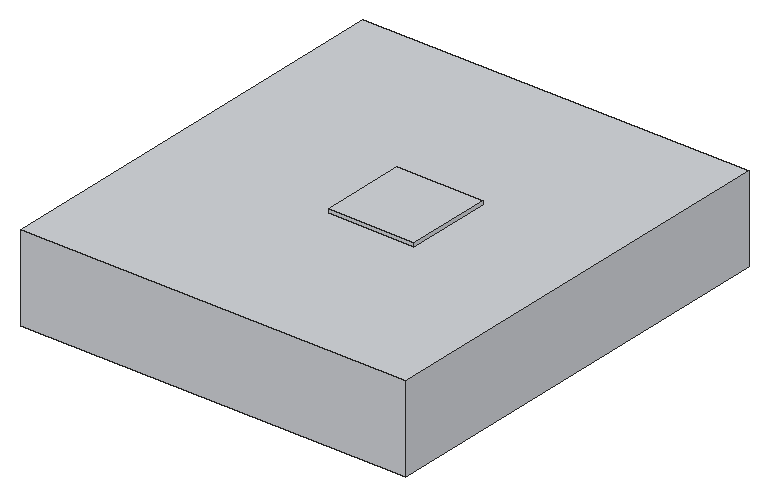
Revit family "M_Difusor de fornecimento - Perfurado - Pescoço redondo - Montado no forro", category Terminais de ar, Revit 2019
Family settings
  Hospedeiro = Face
  Cota do conector redondo = Usar raio
  Tipo de parte = Normal
  Número OmniClass = 23.75.70.21.27.11
  Título OmniClass = Diffusers, Registers, and Grilles
  ID de item do Seek = Supply Diffuser - Perforated - Round Neck - Ceiling Mounted-0000-CAN-ENU
  Corte com vazios quando carregada = Não
  Compartilhado = Não
  Ponto de cálculo do ambiente = Não
Parameters (values of type "Padrão")
  Queda de pressão [instance] = 75.0 Pa
  Raio do duto = 76 mm
  Fluxo [instance] = 130.0 L/s
  Diâmetro do duto = Raio do duto * 2  # 152 mm
  Largura do difusor = 305 mm
  Material do difusor = none
  Altura do difusor = 305 mm
  Largura de meio difusor = Largura do difusor * 1 / 2  # 152.5 mm
  Meia altura do difusor = Altura do difusor * 1 / 2  # 152.5 mm
  Elevação-padrão = 1200 mm
  Assembly Code = ""
Reference planes
  plane 1 "Centro (Frente/Trás)": y = 0
  plane 2: z = 0
  plane 3 "Centro (Esquerda/Direita)": x = 0
  plane 4: y = 152.5
  plane 5: y = -152.5
  plane 6: x = -152.5
  plane 7: x = 152.5
  plane 8: x = -76
  plane 9: x = 76
  plane 10: y = 76
  plane 11: y = -76
  plane 12: y = 133.45
  plane 13: x = -133.45
  plane 14: y = -133.45
  plane 15: x = 133.45
  plane 16: z = 12.7
  plane 17: z = -63.5
  plane 18: z = -38.1
Forms (mm)
  Extrusion 1, solid
    sketch origin (0, 0, 0) x (1, 0, 0) y (0, 1, 0)
      loop
        line (-762.1, 762.1) -> (-762.1, -762.1) -> (609.7, -762.1) -> (609.7, 762.1) -> (-762.1, 762.1)
    from 0 to -304.8
  Blend 2, solid, material <- "Material do difusor"
    base sketch origin (0, 0, -12.7) x (-1, 0, 0) y (0, -1, 0)
      loop
        line (-76, 76) -> (-76, -76) -> (76, -76) -> (76, 76) -> (-76, 76)
    top sketch origin (0, 0, -12.7) x (-1, 0, 0) y (0, -1, 0)
      loop
        line (-133.45, 133.45) -> (-133.45, -133.45) -> (133.45, -133.45) -> (133.45, 133.45) -> (-133.45, 133.45)
    from -25.4 to 12.7
  Extrusion 3, solid, material <- "Material do difusor"
    sketch origin (0, 0, -76.2) x (-1, 0, 0) y (0, -1, 0)
      loop
        line (152.5, -152.5) -> (152.5, 152.5) -> (-152.5, 152.5) -> (-152.5, -152.5) -> (152.5, -152.5)
    from 76.2 to 88.9
  Extrusion 4, solid, material <- "Material do difusor"
    sketch origin (0, 0, 0) x (1, 0, 0) y (0, 1, 0)
      loop
        circle (0, 0) r 76
    from -63.5 to -38.1
Cuts and joins
  joined: Extrusion 3, Extrusion 4
Lines and regions (mm)
  symbolic lines
    curve 1: line (-152.5, 152.5, 0) -> (152.5, -152.5, 0)
    curve 2: line (152.5, 152.5, 0) -> (-152.5, -152.5, 0)
    curve 3: line (-152.5, 152.5, 0) -> (152.5, 152.5, 0)
    curve 4: line (-152.5, -152.5, 0) -> (-152.5, 152.5, 0)
    curve 5: line (152.5, -152.5, 0) -> (-152.5, -152.5, 0)
    curve 6: line (152.5, 152.5, 0) -> (152.5, -152.5, 0)
    curve 7: circle (0, 0, 0) r 76 normal (0, 0, 1)
Dimensions and locks
  "Meia altura do difusor": plane 6 to plane 3 "Centro (Esquerda/Direita)"
  "Meia altura do difusor": plane 3 "Centro (Esquerda/Direita)" to plane 7
  "Largura de meio difusor": plane 4 to plane 1 "Centro (Frente/Trás)"
  "Largura de meio difusor": plane 5 to plane 1 "Centro (Frente/Trás)"
  "Raio do duto": plane 3 "Centro (Esquerda/Direita)" to plane 8
  "Raio do duto": plane 9 to plane 3 "Centro (Esquerda/Direita)"
  "Raio do duto": plane 10 to plane 1 "Centro (Frente/Trás)"
  "Raio do duto": plane 11 to plane 1 "Centro (Frente/Trás)"
  "Raio do duto": plane 8 to plane 3 "Centro (Esquerda/Direita)"
  "Raio do duto": plane 3 "Centro (Esquerda/Direita)" to plane 9
  locked: plane 4 to plane 12 at 19.05
  locked: plane 6 to plane 13 at 19.05
  locked: plane 14 to plane 5 at 19.05
  locked: plane 15 to plane 7 at 19.05
  locked: plane 16 to plane 2 at 12.7
  locked: plane 16 to plane 17 at 76.2
  locked: plane 18 to plane 17 at 25.4
  "Raio do duto": radius of Extrusion 4 sketch curve
  "Raio do duto": radius of curve 7
  aligned and locked: plane 2 to Extrusion 1
  aligned and locked: level to Extrusion 1
  aligned and locked: Blend 2 sketch curve to plane 12
  aligned and locked: Blend 2 sketch curve to plane 15
  aligned and locked: plane 14 to Blend 2 sketch curve
  aligned and locked: plane 13 to Blend 2 sketch curve
  aligned and locked: Blend 2 sketch curve to plane 10
  aligned and locked: plane 8 to Blend 2 sketch curve
  aligned and locked: plane 11 to Blend 2 sketch curve
  aligned and locked: plane 9 to Blend 2 sketch curve
  aligned and locked: plane 4 to Extrusion 3
  aligned and locked: Extrusion 3 to plane 5
  aligned and locked: plane 6 to curve 1
  aligned and locked: plane 1 "Centro (Frente/Trás)" to Extrusion 4 sketch curve
  aligned and locked: plane 3 "Centro (Esquerda/Direita)" to Extrusion 4 sketch curve
  aligned and locked: curve 3 to plane 4
  aligned and locked: curve 6 to plane 7
  aligned and locked: plane 5 to curve 5  (x2)
  aligned and locked: plane 6 to curve 4
  aligned and locked: cut or joined group of Extrusion 3, Extrusion 4 to plane 16
  aligned and locked: cut or joined group of Extrusion 3, Extrusion 4 to plane 2
  aligned and locked: cut or joined group of Extrusion 3, Extrusion 4 to plane 18
  aligned and locked: plane 17 to cut or joined group of Extrusion 3, Extrusion 4
  aligned and locked: plane 4 to curve 6
  aligned and locked: plane 7 to curve 6
  aligned and locked: plane 3 "Centro (Esquerda/Direita)" to curve 7
  aligned and locked: plane 1 "Centro (Frente/Trás)" to curve 7
Automatic sketch dimensions
  plane 7 to Extrusion 3 sketch curve = 0 mm
  Extrusion 3 sketch curve to plane 4 = 0 mm
  Extrusion 3 sketch curve to plane 5 = 0 mm
  Extrusion 3 sketch curve to plane 6 = 0 mm
  Extrusion 1 sketch curve to Extrusion 1 sketch curve = 1371.8 mm
  Extrusion 1 sketch curve to Extrusion 1 sketch curve = 1524.2 mm
Connectors
  hvac at (0, 0, -63.5), driven by "Fluxo", driven by "Raio do duto", driven by "Queda de pressão"
    settings: on cut or joined group of Extrusion 3, Extrusion 4, index 1, duct flow 130.0 L/s, flow factor 0, pres drop 75.0 Pa, loss coef 0, conn angle 0.00°, conn width 304.8 mm, conn height 304.8 mm, conn diameter 152 mm, duct sys type 1, conn prof type 0, flow config 1, flow direction 1, loss method 4, conn ref index -1, conn util no, is conn primary yes, conn desc ""
Types in the file's own list only (14): name | Largura do difusor | Altura do difusor | Largura de meio difusor | Meia altura do difusor
  300 mm x 300 mm x 150 mm No pescoço | 300 mm | 300 mm | 150 mm | 150 mm
  600 mm x 300 mm x 150 mm No pescoço | 300 mm | 600 mm | 150 mm | 300 mm
  400 mm x 400 mm x 150 mm No pescoço | 400 mm | 400 mm | 200 mm | 200 mm
  500 mm x 500 mm x 150 mm No pescoço | 500 mm | 500 mm | 250 mm | 250 mm
  400 mm x 400 mm x 200 mm No pescoço | 400 mm | 400 mm | 200 mm | 200 mm
  500 mm x 500 mm x 200 mm No pescoço | 500 mm | 500 mm | 250 mm | 250 mm
  600 mm x 600 mm x 200 mm No pescoço | 600 mm | 600 mm | 300 mm | 300 mm
  1200 mm x 600 mm x 200 mm No pescoço | 600 mm | 1200 mm | 300 mm | 600 mm
  400 mm x 400 mm x 250 mm No pescoço | 400 mm | 400 mm | 200 mm | 200 mm
  500 mm x 500 mm x 250 mm No pescoço | 500 mm | 500 mm | 250 mm | 250 mm
  600 mm x 600 mm x 250 mm No pescoço | 600 mm | 600 mm | 300 mm | 300 mm
  1200 mm x 600 mm x 250 mm No pescoço | 600 mm | 1200 mm | 300 mm | 600 mm
  600 mm x 600 mm x 300 mm No pescoço | 600 mm | 600 mm | 300 mm | 300 mm
  1200 mm x 600 mm x 300 mm No pescoço | 600 mm | 1200 mm | 300 mm | 600 mm
